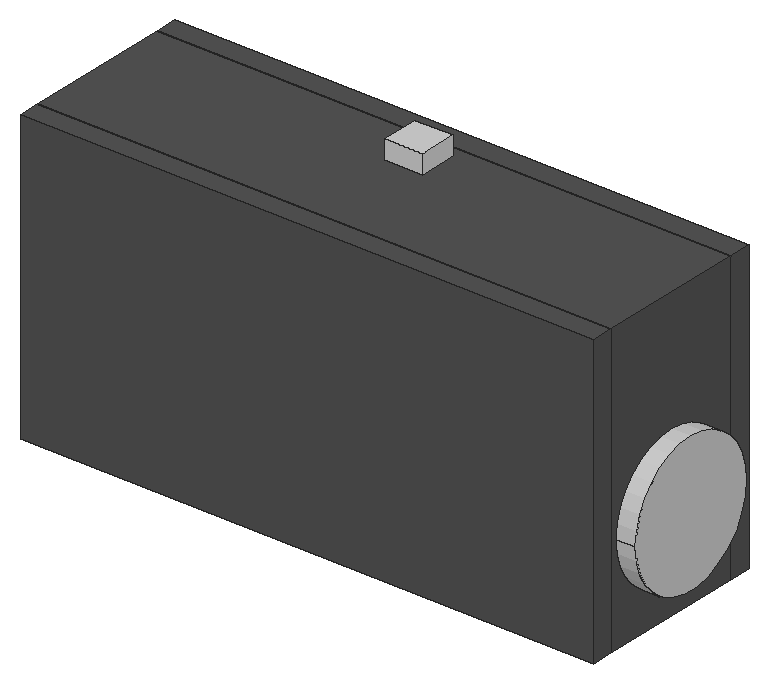
Revit family "Block 1600 (10.24)", category Оборудование, Revit 2019
Family settings
  Размер круглого соединителя = Использовать диаметр
  Классификация = Нет
  Тип детали = Нормальный
  На основе рабочей плоскости = Нет
  Всегда вертикально = Да
  При загрузке вырезать с полостями = Нет
  Общий = Нет
  Точка расчета площади = Нет
Parameters (values of type "Block 1600")
  СЗ Справа [instance] = no
  СЗ Слева [instance] = no
  Ф СЗ = 450 mm  # constant formula
  Материал патрубков = Материал Па
  Материал креплений = Материал Кр
  Материал корпуса = Материал ПУ
  Материал СЗ = Материал СЗ
  Материал КА = Материал КА
  Крепежи [instance] = no
  СЗ КА [instance] = no
  КА отступ 2 = 80 mm  # constant formula
  КА Ширина = 85 mm  # constant formula
  КА Отступ = 50 mm  # constant formula
  КА Высота = 43 mm  # constant formula
  КА [instance] = yes
  П Длина = 45 mm  # constant formula
  КА Длина = 85 mm  # constant formula
  К Стенка Толщина = 50.5 mm  # constant formula
  К Глубина = 441 mm  # constant formula
  П Отступ снизу = 225 mm  # constant formula
  П Диаметр = 315 mm  # constant formula
  К Высота = 660 mm  # constant formula
  ADSK_Ток = ADSK_Номинальная мощность / ADSK_Напряжение  # 3.63636 A
  ADSK_Свободный напор воздуха = 300.0 Pa  # constant formula
  ADSK_Расход воздуха приточный = 1600.0 m³/h  # constant formula
  ADSK_Примечание = ""
  ADSK_Номинальная мощность = 800 W
  ADSK_Напряжение = 220 V
  ADSK_Наименование краткое [instance] = "Канальный очиститель с высокой фильтрацией воздуха"  # constant formula
  ADSK_Наименование = "Канальный очиститель с высокой фильтрацией воздуха"  # constant formula
  ADSK_Марка = "Block 1600"  # constant formula
  ADSK_Количество фаз = 1
  ADSK_Количество = 1
  ADSK_Код изделия = ""
  ADSK_Завод-изготовитель = "ООО «Турков»"  # constant formula
  ADSK_Единица измерения = "шт."  # constant formula
  К Длина = 1305 mm  # constant formula
Reference planes
  plane 1 "По центру (Вперед/Назад)": y = 0
  plane 2: z = 0
  plane 3 "По центру (Влево/Вправо)": x = 0
  plane 4: y = 220.5
  plane 5: x = 652.5
  plane 6: x = -652.5
  plane 7: y = -220.5
  plane 8: y = 170
  plane 9: y = -170
  plane 10: z = 660
  plane 11: y = 670.5
  plane 12: y = -670.5
  plane 13: z = 610
  plane 14: y = 140.5
Forms (mm)
  Extrusion 1, solid, material "Материал ПУ" <- "Материал корпуса"
    sketch origin (0, 0, 0) x (1, 0, 0) y (0, 1, 0)
      loop
        line (-652.5, 170) -> (-652.5, -170) -> (652.5, -170) -> (652.5, 170) -> (-652.5, 170)
    from 0 to 660
  Extrusion 2, solid, material "Материал ПУ" <- "Материал корпуса"
    sketch origin (0, 0, 0) x (1, 0, 0) y (0, 1, 0)
      loop
        line (-652.5, 220.5) -> (-652.5, 170) -> (652.5, 170) -> (652.5, 220.5) -> (-652.5, 220.5)
      loop
        line (-652.5, -170) -> (-652.5, -220.5) -> (652.5, -220.5) -> (652.5, -170) -> (-652.5, -170)
    from 0 to 660
  Extrusion 3, solid, material "Материал СЗ" <- "Материал СЗ", visible <- "СЗ Слева", detail levels fine
    sketch origin (-708.552, -1524, 660) x (-1, 0, 0) y (0, -1, 0)
      loop
        line (-56.052, -2194.5) -> (-56.052, -1744.5) -> (-1361.052, -1744.5) -> (-1361.052, -2194.5) -> (-56.052, -2194.5)
    from 0 to -660
  Extrusion 4, solid, material "Материал СЗ" <- "Материал СЗ", visible <- "СЗ Справа", detail levels fine
    sketch origin (0, 0, 0) x (1, 0, 0) y (0, 1, 0)
      loop
        line (-652.5, -220.5) -> (-652.5, -670.5) -> (652.5, -670.5) -> (652.5, -220.5) -> (-652.5, -220.5)
    from 0 to 660
Dimensions and locks
  equal spacing: plane 6, plane 3 "По центру (Влево/Вправо)", plane 5
  equal spacing: plane 4, plane 1 "По центру (Вперед/Назад)", plane 7
  "К Длина": plane 6 to plane 5
  "К Глубина": plane 4 to plane 7
  "К Стенка Толщина": plane 4 to plane 8
  "К Стенка Толщина": plane 9 to plane 7
  "К Высота": plane 10 to plane 2
  "Ф СЗ": plane 11 to plane 4
  "Ф СЗ": plane 7 to plane 12
  equal spacing: plane 5, plane 3 "По центру (Влево/Вправо)", plane 6
  "КА Отступ": plane 10 to plane 13
  "КА отступ 2": plane 4 to plane 14
  aligned and locked: level to plane 2
  aligned and locked: Extrusion 1 sketch curve to plane 8
  aligned and locked: plane 6 to Extrusion 1 sketch curve
  aligned and locked: plane 9 to Extrusion 1 sketch curve
  aligned and locked: Extrusion 1 sketch curve to plane 5
  aligned and locked: plane 10 to Extrusion 1
  aligned and locked: plane 6 to Extrusion 2 sketch curve  (x2)
  aligned and locked: Extrusion 2 sketch curve to plane 8
  aligned and locked: Extrusion 2 sketch curve to plane 5  (x2)
  aligned and locked: Extrusion 2 sketch curve to plane 4
  aligned and locked: Extrusion 2 sketch curve to plane 9
  aligned and locked: plane 7 to Extrusion 2 sketch curve
  aligned and locked: plane 10 to Extrusion 2
  aligned and locked: Extrusion 2 to plane 2
  aligned and locked: Extrusion 3 sketch curve to plane 11
  aligned and locked: plane 6 to Extrusion 3 sketch curve
  aligned and locked: plane 4 to Extrusion 3 sketch curve
  aligned and locked: Extrusion 3 sketch curve to plane 5
  aligned and locked: Extrusion 3 to plane 10  (x3)
  aligned and locked: Extrusion 3 to plane 2
  aligned and locked: plane 2 to Extrusion 3  (x2)
  aligned and locked: Extrusion 3 to plane 4
  aligned and locked: plane 4 to Extrusion 2
  aligned and locked: plane 11 to Extrusion 3
  aligned and locked: Extrusion 4 sketch curve to plane 12
  aligned and locked: Extrusion 4 sketch curve to plane 5
  aligned and locked: plane 6 to Extrusion 4 sketch curve
  aligned and locked: Extrusion 4 sketch curve to plane 7
  aligned and locked: plane 10 to Extrusion 4
  aligned and locked: plane 5 to nested 1
  aligned and locked: plane 1 "По центру (Вперед/Назад)" to nested 1
  aligned and locked: plane 2 to nested 1
  aligned and locked: plane 1 "По центру (Вперед/Назад)" to nested 2
  aligned and locked: plane 3 "По центру (Влево/Вправо)" to nested 2
  aligned and locked: nested 2 to plane 2
  aligned and locked: nested 3 to plane 10
  aligned and locked: plane 3 "По центру (Влево/Вправо)" to nested 3
  aligned and locked: nested 3 to plane 14
Nested families
  nested 1: "ПатКр" at (0, 0, 225), L <- "К Длина", A <- "П Длина", D <- "П Диаметр", Отст снизу <- "П Отступ снизу", type "ПатКр"
    with Отст снизу 225 mm, L 1305 mm, D 315 mm, A 45 mm
  nested 2: "Крепежи" at (0, 0, 0), Высота <- "К Высота", Глубина <- "К Глубина", Длина <- "К Длина", Стенка <- "К Стенка Толщина", visible <- "Крепежи", type "Крепежи"
    with Шп слева-справа yes, Шп сверху-снизу no, Стенка 50.5 mm, Петли no, Отступ з 50 mm, Отст пет 229.784 mm, Опоры no, Опора no, З справа yes, З слева-справа no, З сверху-снизу yes, З посередине no, Длина СЗ 190 mm, Длина 1305 mm, Глубина 441 mm, Высота 660 mm
  nested 3: "КА" at (0, 98, 662), Видимость СЗ КА <- "СЗ КА", Видимость КА <- "КА", Длина <- "КА Длина", Ширина <- "КА Ширина", Высота <- "КА Высота", type "КА", detail levels medium+fine
    with Ширина 85 mm, Материал СЗ Материал СЗ, Материал КА Материал КА, Длина 85 mm, Высота 43 mm, Видимость СЗ КА no, Видимость КА yes
Connectors
  hvac at (-697.5, 0, 225), driven by "П Диаметр"
    settings: on nested 1, index 1, duct flow 0.0 m³/h, flow factor 0, pres drop 0.0 Pa, loss coef 0, conn angle 0.00°, conn width 304.8 mm, conn height 304.8 mm, conn diameter 315 mm, duct sys type 1, conn prof type 0, flow config 0, flow direction 2, loss method 0, conn ref index 2, conn util no, is conn primary yes, conn desc ""
  hvac at (697.5, 0, 225), driven by "П Диаметр"
    settings: on nested 1, index 2, duct flow 0.0 m³/h, flow factor 0, pres drop 0.0 Pa, loss coef 0, conn angle 0.00°, conn width 304.8 mm, conn height 304.8 mm, conn diameter 315 mm, duct sys type 1, conn prof type 0, flow config 0, flow direction 1, loss method 0, conn ref index 1, conn util no, is conn primary no, conn desc ""
Definition of nested family "ПатКр"
  Parameters (values of type "ПатКр")
    П материал = none
    Отст снизу [instance] = 304.8 mm
    D [instance] = 125 mm
    L [instance] = 500 mm
    A [instance] = 40 mm
  Reference planes
    plane 1 "По центру (Вперед/Назад)": y = 0
    plane 2: z = 0
    plane 3 "По центру (Влево/Вправо)": x = 0
    plane 4: x = -250
    plane 5: x = 250
    plane 6: x = -290
    plane 7: x = 290
    plane 8: z = -304.8
  Forms (mm)
    Extrusion 1, solid, material <- "П материал"
      sketch origin (-250, 395.392, 1200) x (0, 1, 0) y (0, 0, 1)
        loop
          circle (-395.392, -1200) r 62.5
      from -40 to 0
    Extrusion 2, solid, material <- "П материал"
      sketch origin (250, 395.392, 1200) x (0, 1, 0) y (0, 0, 1)
        loop
          circle (-395.392, -1200) r 62.5
      from 0 to 40
  Dimensions and locks
    equal spacing: plane 4, plane 3 "По центру (Влево/Вправо)", plane 5
    "L": plane 4 to plane 5
    "A": plane 6 to plane 4
    equal spacing: plane 6, plane 3 "По центру (Влево/Вправо)", plane 7
    "Отст снизу": plane 2 to plane 8
    "D": diameter of Extrusion 1 sketch curve
    "D": diameter of Extrusion 2 sketch curve
    aligned and locked: level to plane 2
    aligned and locked: plane 1 "По центру (Вперед/Назад)" to Extrusion 1 sketch curve
    aligned and locked: level to Extrusion 1 sketch curve
    aligned and locked: Extrusion 1 to plane 6
    aligned and locked: plane 4 to Extrusion 1
    aligned and locked: plane 1 "По центру (Вперед/Назад)" to Extrusion 2 sketch curve
    aligned and locked: plane 2 to Extrusion 2 sketch curve
    aligned and locked: Extrusion 2 to plane 5
    aligned and locked: plane 7 to Extrusion 2
Definition of nested family "Крепежи"
  Parameters (values of type "Крепежи")
    Шп сверху-снизу [instance] = no
    Шп слева-справа [instance] = yes
    Стенка [instance] = 30 mm
    Петли [instance] = no
    Отст пет [instance] = 229.784 mm
    Опоры [instance] = no
    Опора [instance] = no
    Материал = none
    З справа [instance] = if(and([З сверху-снизу], not(З посередине)), 1 = 1, 1 = 0)  # yes
    З слева-справа [instance] = no
    З сверху-снизу [instance] = yes
    З посередине [instance] = no
    Длина СЗ [instance] = 190 mm
    Длина [instance] = 536.692 mm
    Глубина [instance] = 480 mm
    Высота [instance] = 619.568 mm
    Отступ з [instance] = 30 mm
  Reference planes
    plane 1 "По центру (Вперед/Назад)": y = 0
    plane 2: z = 0
    plane 3 "По центру (Влево/Вправо)": x = 0
    plane 4: y = 240
    plane 5: y = -240
    plane 6: x = 268.346
    plane 7: x = -268.346
    plane 8: y = 225
    plane 9: y = -225
    plane 10: x = 238.346
    plane 11: x = -238.346
    plane 12: z = 619.568
    plane 13: z = 589.568
    plane 14: z = 30
    plane 15: z = 309.784
    plane 16: z = 389.784
    plane 17: z = 229.784
    plane 18: x = -78.346
    plane 19: x = -108.346
  Dimensions and locks
    equal spacing: plane 7, plane 3 "По центру (Влево/Вправо)", plane 6
    equal spacing: plane 4, plane 1 "По центру (Вперед/Назад)", plane 5
    locked: plane 4 to plane 8 at 15
    "Отступ з": plane 7 to plane 11
    equal spacing: plane 8, plane 1 "По центру (Вперед/Назад)", plane 9
    "Длина": plane 7 to plane 6
    "Глубина": plane 4 to plane 5
    equal spacing: plane 11, plane 3 "По центру (Влево/Вправо)", plane 10
    equal spacing: plane 12, plane 15, plane 2
    "Высота": plane 12 to plane 2
    equal spacing: plane 13, plane 15, plane 14
    "Отступ з": plane 12 to plane 13
    "Стенка": nested 29 to plane 5
    "Стенка": plane 4 to nested 30
    equal spacing: plane 16, plane 15, plane 17
    "Отст пет": plane 12 to plane 16
    "Отступ з": plane 19 to plane 18
    "Длина СЗ": plane 7 to plane 18
    aligned and locked: level to plane 2
    aligned and locked: plane 8 to nested 1  (x3)
    aligned and locked: plane 11 to nested 1
    aligned and locked: plane 8 to nested 2  (x3)
    aligned and locked: plane 10 to nested 2
    aligned and locked: plane 9 to nested 3  (x2)
    aligned and locked: plane 9 to nested 4  (x2)
    aligned and locked: nested 3 to plane 11
    aligned and locked: nested 4 to plane 10
    aligned and locked: nested 3 to plane 2
    aligned and locked: plane 2 to nested 1
    aligned and locked: nested 4 to plane 2
    aligned and locked: plane 2 to nested 2
    aligned and locked: nested 7 to plane 12
    aligned and locked: plane 12 to nested 5  (x2)
    aligned and locked: plane 12 to nested 7
    aligned and locked: nested 8 to plane 12
    aligned and locked: plane 12 to nested 6
    aligned and locked: plane 12 to nested 8
    aligned and locked: plane 14 to nested 9
    aligned and locked: plane 8 to nested 10  (x3)
    aligned and locked: plane 8 to nested 9  (x3)
    aligned and locked: plane 13 to nested 10
    aligned and locked: plane 9 to nested 12  (x2)
    aligned and locked: plane 9 to nested 11  (x2)
    aligned and locked: nested 11 to plane 14
    aligned and locked: nested 12 to plane 13
    aligned and locked: nested 12 to plane 7  (x2)
    aligned and locked: plane 7 to nested 10
    aligned and locked: nested 11 to plane 7  (x2)
    aligned and locked: plane 7 to nested 9
    aligned and locked: nested 16 to plane 6
    aligned and locked: plane 6 to nested 14
    aligned and locked: plane 6 to nested 16
    aligned and locked: nested 15 to plane 6
    aligned and locked: plane 6 to nested 13  (x2)
    aligned and locked: plane 6 to nested 15
    aligned and locked: nested 5 to plane 11
    aligned and locked: plane 11 to nested 7
    aligned and locked: nested 6 to plane 10
    aligned and locked: plane 10 to nested 8
    aligned and locked: nested 16 to plane 9  (x3)
    aligned and locked: nested 15 to plane 9  (x3)
    aligned and locked: nested 8 to plane 9  (x3)
    aligned and locked: nested 4 to plane 9
    aligned and locked: nested 7 to plane 9  (x3)
    aligned and locked: nested 3 to plane 9
    aligned and locked: nested 12 to plane 9
    aligned and locked: nested 14 to plane 8  (x2)
    aligned and locked: nested 13 to plane 8  (x2)
    aligned and locked: plane 8 to nested 14
    aligned and locked: nested 6 to plane 8  (x2)
    aligned and locked: plane 8 to nested 6
    aligned and locked: nested 5 to plane 8  (x2)
    aligned and locked: plane 8 to nested 5
    aligned and locked: plane 8 to nested 13
    aligned and locked: nested 11 to plane 9
    aligned and locked: nested 14 to plane 13
    aligned and locked: plane 13 to nested 16
    aligned and locked: plane 14 to nested 15
    aligned and locked: nested 13 to plane 14
    aligned and locked: plane 1 "По центру (Вперед/Назад)" to nested 17
    aligned and locked: plane 6 to nested 17  (x3)
    aligned and locked: plane 1 "По центру (Вперед/Назад)" to nested 18
    aligned and locked: nested 18 to plane 12  (x3)
    aligned and locked: nested 17 to plane 12  (x3)
    aligned and locked: plane 7 to nested 18
    aligned and locked: nested 20 to plane 7  (x2)
    aligned and locked: nested 19 to plane 6  (x2)
    aligned and locked: nested 20 to plane 2  (x3)
    aligned and locked: nested 19 to plane 2  (x3)
    aligned and locked: plane 12 to nested 21
    aligned and locked: nested 23 to plane 12
    aligned and locked: plane 12 to nested 17
    aligned and locked: plane 12 to nested 18
    aligned and locked: plane 2 to nested 22
    aligned and locked: nested 22 to plane 2  (x2)
    aligned and locked: plane 2 to nested 20
    aligned and locked: plane 2 to nested 19
    aligned and locked: nested 24 to plane 2  (x2)
    aligned and locked: plane 2 to nested 24
    aligned and locked: plane 6 to nested 19
    aligned and locked: plane 6 to nested 24  (x3)
    aligned and locked: nested 24 to plane 6
    aligned and locked: plane 6 to nested 23  (x3)
    aligned and locked: nested 23 to plane 6
    aligned and locked: nested 18 to plane 7  (x2)
    aligned and locked: plane 7 to nested 21  (x3)
    aligned and locked: nested 21 to plane 7
    aligned and locked: plane 7 to nested 22  (x3)
    aligned and locked: nested 22 to plane 7
    aligned and locked: plane 7 to nested 20
    aligned and locked: nested 20 to plane 1 "По центру (Вперед/Назад)"
    aligned and locked: plane 1 "По центру (Вперед/Назад)" to nested 21
    aligned and locked: plane 1 "По центру (Вперед/Назад)" to nested 22
    aligned and locked: nested 19 to plane 1 "По центру (Вперед/Назад)"
    aligned and locked: nested 23 to plane 1 "По центру (Вперед/Назад)"
    aligned and locked: nested 24 to plane 1 "По центру (Вперед/Назад)"
    aligned and locked: nested 25 to plane 7
    aligned and locked: plane 6 to nested 26
    aligned and locked: nested 25 to plane 12
    aligned and locked: nested 26 to plane 12
    aligned and locked: nested 27 to plane 2
    aligned and locked: nested 28 to plane 2
    aligned and locked: nested 28 to plane 6
    aligned and locked: plane 7 to nested 27
    aligned and locked: plane 1 "По центру (Вперед/Назад)" to nested 25
    aligned and locked: nested 27 to plane 1 "По центру (Вперед/Назад)"
    aligned and locked: plane 1 "По центру (Вперед/Назад)" to nested 26
    aligned and locked: nested 28 to plane 1 "По центру (Вперед/Назад)"
    aligned and locked: nested 29 to plane 2  (x2)
    aligned and locked: nested 30 to plane 2  (x2)
    aligned and locked: plane 2 to nested 29  (x2)
    aligned and locked: plane 2 to nested 30  (x2)
    aligned and locked: nested 29 to plane 3 "По центру (Влево/Вправо)"
    aligned and locked: nested 30 to plane 3 "По центру (Влево/Вправо)"
    aligned and locked: plane 7 to nested 31
    aligned and locked: plane 7 to nested 32
    aligned and locked: plane 7 to nested 33
    aligned and locked: plane 7 to nested 34
    aligned and locked: plane 6 to nested 35
    aligned and locked: plane 6 to nested 36
    aligned and locked: plane 6 to nested 37
    aligned and locked: plane 6 to nested 38
    aligned and locked: plane 17 to nested 33
    aligned and locked: plane 17 to nested 34
    aligned and locked: nested 37 to plane 17
    aligned and locked: nested 38 to plane 17
    aligned and locked: plane 16 to nested 35
    aligned and locked: plane 16 to nested 36
    aligned and locked: nested 31 to plane 16
    aligned and locked: nested 32 to plane 16
    aligned and locked: nested 31 to plane 5
    aligned and locked: plane 5 to nested 35
    aligned and locked: nested 33 to plane 5
    aligned and locked: plane 5 to nested 37
    aligned and locked: plane 4 to nested 32
    aligned and locked: nested 36 to plane 4
    aligned and locked: plane 4 to nested 34
    aligned and locked: nested 38 to plane 4
    aligned and locked: nested 39 to plane 8  (x2)
    aligned and locked: plane 8 to nested 39
    aligned and locked: nested 40 to plane 9  (x3)
    aligned and locked: nested 39 to plane 19
    aligned and locked: plane 19 to nested 40
    aligned and locked: plane 8 to nested 41  (x3)
    aligned and locked: plane 9 to nested 42  (x2)
    aligned and locked: nested 42 to plane 9
    aligned and locked: nested 42 to plane 19
    aligned and locked: plane 19 to nested 41
    aligned and locked: nested 42 to plane 2  (x2)
    aligned and locked: plane 2 to nested 41
    aligned and locked: nested 40 to plane 12
    aligned and locked: plane 12 to nested 39
    aligned and locked: plane 12 to nested 40
  Nested families
    nested 1: "Защелки" at (-238.346, 125, -18.5), visible <- "З сверху-снизу", type "Защелки"
      with L 100 mm
    nested 2: "Защелки" at (238.346, 125, -18.5), visible <- "З справа", type "Защелки"
      with L 100 mm
    nested 3: "Защелки" at (-238.346, -125, -18.5), visible <- "З сверху-снизу", type "Защелки"
      with L 100 mm
    nested 4: "Защелки" at (238.346, -125, -18.5), visible <- "З справа", type "Защелки"
      with L 100 mm
    nested 5: "Защелки" at (-238.346, 125, 638.068) x (1, 0, 0) z (0, 0, -1), visible <- "З сверху-снизу", type "Защелки"
      with L 100 mm
    nested 6: "Защелки" at (238.346, 125, 638.068) x (1, 0, 0) z (0, 0, -1), visible <- "З справа", type "Защелки"
      with L 100 mm
    nested 7: "Защелки" at (-238.346, -125, 638.068) x (1, 0, 0) z (0, 0, -1), visible <- "З сверху-снизу", type "Защелки"
      with L 100 mm
    nested 8: "Защелки" at (238.346, -125, 638.068) x (1, 0, 0) z (0, 0, -1), visible <- "З справа", type "Защелки"
      with L 100 mm
    nested 9: "Защелки" at (-268.346, 125, 30) x (0, 0, 1) z (-1, 0, 0), visible <- "З слева-справа", type "Защелки"
      with L 100 mm
    nested 10: "Защелки" at (-268.346, 125, 589.568) x (0, 0, 1) z (-1, 0, 0), visible <- "З слева-справа", type "Защелки"
      with L 100 mm
    nested 11: "Защелки" at (-268.346, -125, 30) x (0, 0, 1) z (-1, 0, 0), visible <- "З слева-справа", type "Защелки"
      with L 100 mm
    nested 12: "Защелки" at (-268.346, -125, 589.568) x (0, 0, 1) z (-1, 0, 0), visible <- "З слева-справа", type "Защелки"
      with L 100 mm
    nested 13: "Защелки" at (268.346, 125, 30) x (0, 0, 1) z (1, 0, 0), visible <- "З слева-справа", type "Защелки"
      with L 100 mm
    nested 14: "Защелки" at (268.346, 125, 589.568) x (0, 0, 1) z (1, 0, 0), visible <- "З слева-справа", type "Защелки"
      with L 100 mm
    nested 15: "Защелки" at (268.346, -125, 30) x (0, 0, 1) z (1, 0, 0), visible <- "З слева-справа", type "Защелки"
      with L 100 mm
    nested 16: "Защелки" at (268.346, -125, 589.568) x (0, 0, 1) z (1, 0, 0), visible <- "З слева-справа", type "Защелки"
      with L 100 mm
    nested 17: "Крепеж" at (248.346, 0, 619.568), visible <- "Шп сверху-снизу", type "Крепеж"
      with A 40 mm
    nested 18: "Крепеж" at (-248.346, 0, 619.568), visible <- "Шп сверху-снизу", type "Крепеж"
      with A 40 mm
    nested 19: "Крепеж" at (248.346, 0, 0) x (1, 0, 0) z (0, 0, -1), visible <- "Шп сверху-снизу", type "Крепеж"
      with A 40 mm
    nested 20: "Крепеж" at (-248.346, 0, 0) x (1, 0, 0) z (0, 0, -1), visible <- "Шп сверху-снизу", type "Крепеж"
      with A 40 mm
    nested 21: "Крепеж" at (-268.346, 0, 599.568) x (0, 0, 1) z (-1, 0, 0), visible <- "Шп слева-справа", type "Крепеж"
      with A 40 mm
    nested 22: "Крепеж" at (-268.346, 0, 20) x (0, 0, 1) z (-1, 0, 0), visible <- "Шп слева-справа", type "Крепеж"
      with A 40 mm
    nested 23: "Крепеж" at (268.346, 0, 599.568) x (0, 0, 1) z (1, 0, 0), visible <- "Шп слева-справа", type "Крепеж"
      with A 40 mm
    nested 24: "Крепеж" at (268.346, 0, 20) x (0, 0, 1) z (1, 0, 0), visible <- "Шп слева-справа", type "Крепеж"
      with A 40 mm
    nested 25: "Опора" at (-205.846, 0, 619.568), L <- "Глубина", Ot <- "Стенка", visible <- "Опоры", type "Опора"
      with Ot 30 mm, L 480 mm, A 40 mm
    nested 26: "Опора" at (205.846, 0, 619.568), L <- "Глубина", Ot <- "Стенка", visible <- "Опоры", type "Опора"
      with Ot 30 mm, L 480 mm, A 40 mm
    nested 27: "Опора" at (-205.846, 0, 0) x (1, 0, 0) z (0, 0, -1), L <- "Глубина", Ot <- "Стенка", visible <- "Опоры", type "Опора"
      with Ot 30 mm, L 480 mm, A 40 mm
    nested 28: "Опора" at (205.846, 0, 0) x (1, 0, 0) z (0, 0, -1), L <- "Глубина", Ot <- "Стенка", visible <- "Опоры", type "Опора"
      with Ot 30 mm, L 480 mm, A 40 mm
    nested 29: "Опора" at (0, -147.5, 0) x (0, 1, 0) z (0, 0, -1), L <- "Длина", visible <- "Опора", type "Опора"
      with Ot 10 mm, L 536.692 mm, A 40 mm
    nested 30: "Опора" at (0, 147.5, 0) x (0, 1, 0) z (0, 0, -1), L <- "Длина", visible <- "Опора", type "Опора"
      with Ot 10 mm, L 536.692 mm, A 40 mm
    nested 31: "Петля" at (-268.346, -195, 389.784) x (0, 1, 0) z (-1, 0, 0), visible <- "Петли", type "Петля"
    nested 32: "Петля" at (-268.346, 195, 389.784) x (0, 1, 0) z (-1, 0, 0), visible <- "Петли", type "Петля"
    nested 33: "Петля" at (-268.346, -195, 229.784) x (0, 1, 0) z (-1, 0, 0), visible <- "Петли", type "Петля"
    nested 34: "Петля" at (-268.346, 195, 229.784) x (0, 1, 0) z (-1, 0, 0), visible <- "Петли", type "Петля"
    nested 35: "Петля" at (268.346, -195, 389.784) x (0, 1, 0) z (1, 0, 0), visible <- "Петли", type "Петля"
    nested 36: "Петля" at (268.346, 195, 389.784) x (0, 1, 0) z (1, 0, 0), visible <- "Петли", type "Петля"
    nested 37: "Петля" at (268.346, -195, 229.784) x (0, 1, 0) z (1, 0, 0), visible <- "Петли", type "Петля"
    nested 38: "Петля" at (268.346, 195, 229.784) x (0, 1, 0) z (1, 0, 0), visible <- "Петли", type "Петля"
    nested 39: "Защелки" at (-108.346, 125, 638.068) x (1, 0, 0) z (0, 0, -1), visible <- "З посередине", type "Защелки"
      with L 100 mm
    nested 40: "Защелки" at (-108.346, -125, 638.068) x (1, 0, 0) z (0, 0, -1), visible <- "З посередине", type "Защелки"
      with L 100 mm
    nested 41: "Защелки" at (-108.346, 125, -18.5), visible <- "З посередине", type "Защелки"
      with L 100 mm
    nested 42: "Защелки" at (-108.346, -125, -18.5), visible <- "З посередине", type "Защелки"
      with L 100 mm
  Definition of nested family "Защелки"
    Parameters (values of type "Защелки")
      Материал п = none
      c = 30 mm  # constant formula
      b = 30 mm  # constant formula
      a = 15 mm  # constant formula
      L [instance] = 100 mm  # constant formula
    Reference planes
      plane 1 "По центру (Вперед/Назад)": y = 0
      plane 2: z = 0
      plane 3 "По центру (Влево/Вправо)": x = 0
      plane 4: y = 100
      plane 5: x = 7.5
      plane 6: x = -7.5
      plane 7: y = 70
    Forms (mm)
      Extrusion 1, solid, material <- "Материал п"
        sketch origin (120.578, -42.722, 0) x (1, 0, 0) y (0, 1, 0)
          loop
            line (-128.078, 112.722) -> (-128.078, 42.722) -> (-113.078, 42.722) -> (-113.078, 112.722) -> (-105.578, 142.722) -> (-135.578, 142.722) -> (-128.078, 112.722)
        from 0 to 18.5
    Dimensions and locks
      "L": plane 4 to plane 1 "По центру (Вперед/Назад)"
      equal spacing: plane 6, plane 3 "По центру (Влево/Вправо)", plane 5
      "a": plane 6 to plane 5
      "b": plane 4 to plane 7
      equal spacing: Extrusion 1 sketch curve, plane 3 "По центру (Влево/Вправо)", Extrusion 1 sketch curve
      "c": Extrusion 1 sketch curve to Extrusion 1 sketch curve
      aligned and locked: level to plane 2
      aligned and locked: Extrusion 1 sketch curve to plane 6
      aligned and locked: plane 5 to Extrusion 1 sketch curve
      aligned and locked: plane 1 "По центру (Вперед/Назад)" to Extrusion 1 sketch curve
      aligned and locked: plane 7 to Extrusion 1 sketch curve  (x2)
      aligned and locked: Extrusion 1 sketch curve to plane 4
  Definition of nested family "Крепеж"
    Parameters (values of type "Крепеж")
      П материал = none
      d = 80 mm  # constant formula
      c = 10 mm  # constant formula
      b = 49 mm  # constant formula
      A [instance] = 40 mm  # constant formula
    Reference planes
      plane 1 "По центру (Вперед/Назад)": y = 0
      plane 2: z = 0
      plane 3 "По центру (Влево/Вправо)": x = 0
      plane 4: x = -20
      plane 5: x = 20
      plane 6: z = 49
    Forms (mm)
      Extrusion 1, solid, material <- "П материал"
        sketch origin (0, 0, 0) x (1, 0, 0) y (0, 0, 1)
          loop
            line (-20, 49) -> (-20, 0) -> (20, 0) -> (20, 49) -> (5, 49) -> (5, 27)
            arc (5, 27) -> (0, 22) -> (-5, 27) r 5
            line (-5, 27) -> (-5, 49) -> (-20, 49)
        from -1 to 1
      Extrusion 2, solid, material <- "П материал"
        sketch origin (0, 0, 0) x (1, 0, 0) y (0, 1, 0)
          loop
            line (-20, 40) -> (-20, -40) -> (20, -40) -> (20, 40) -> (-20, 40)
        from 0 to 2
    Dimensions and locks
      equal spacing: plane 5, plane 3 "По центру (Влево/Вправо)", plane 4
      "A": plane 5 to plane 4
      "b": plane 6 to plane 2
      equal spacing: Extrusion 1 sketch curve, plane 3 "По центру (Влево/Вправо)", Extrusion 1 sketch curve
      "c": Extrusion 1 sketch curve to Extrusion 1 sketch curve
      plane 6 to Extrusion 1 sketch curve = 22 mm
      equal spacing: Extrusion 2 sketch curve, plane 1 "По центру (Вперед/Назад)", Extrusion 2 sketch curve
      "d": Extrusion 2 sketch curve to Extrusion 2 sketch curve
      aligned and locked: level to plane 2
      aligned and locked: plane 4 to Extrusion 1 sketch curve
      aligned and locked: Extrusion 1 sketch curve to plane 5
      aligned and locked: Extrusion 1 sketch curve to plane 6
      aligned and locked: plane 2 to Extrusion 1 sketch curve
      aligned and locked: plane 4 to Extrusion 2 sketch curve
      aligned and locked: Extrusion 2 sketch curve to plane 5
    Automatic sketch dimensions
      Extrusion 1 sketch curve to plane 6 = 0 mm
  Definition of nested family "Опора"
    Parameters (values of type "Опора")
      с = 20 mm
      к = 1.5 mm
      в = 30 mm
      а = 82 mm
      П материал = none
      d = 80 mm  # constant formula
      c = 10 mm  # constant formula
      b = 49 mm  # constant formula
      Ot [instance] = 30 mm
      L [instance] = 277.284 mm
      A [instance] = 40 mm  # constant formula
    Reference planes
      plane 1 "По центру (Вперед/Назад)": y = 0
      plane 2: z = 0
      plane 3 "По центру (Влево/Вправо)": x = 0
      plane 4: z = 49
      plane 5: y = 138.642
      plane 6: y = -138.642
      plane 7: y = 108.642
      plane 8: y = -108.642
    Forms (mm)
      Extrusion 1, solid, material <- "П материал"
        sketch origin (0, 0, 0) x (1, 0, 0) y (0, 0, 1)
          loop
            arc (-41.548, 31.5) -> (-42.221, 31.221) -> (-42.5, 30.548) r 0.952
            line (-42.5, 30.548) -> (-42.5, 2.55)
            arc (-42.5, 2.55) -> (-42.807, 1.807) -> (-43.55, 1.5) r 1.05
            line (-43.55, 1.5) -> (-62.5, 1.5) -> (-62.5, 0) -> (-42.044, 0)
            arc (-42.044, 0) -> (-41.306, 0.306) -> (-41, 1.044) r 1.044
            line (-41, 1.044) -> (-41, 28.952)
            arc (-41, 28.952) -> (-40.693, 29.693) -> (-39.952, 30) r 1.048
            line (-39.952, 30) -> (39.989, 30)
            arc (39.989, 30) -> (40.704, 29.704) -> (41, 28.989) r 1.011
            line (41, 28.989) -> (41, 1.013)
            arc (41, 1.013) -> (41.297, 0.297) -> (42.013, 0) r 1.013
            line (42.013, 0) -> (62.5, 0) -> (62.5, 1.5) -> (43.502, 1.5)
            arc (43.502, 1.5) -> (42.793, 1.793) -> (42.5, 2.502) r 1.002
            line (42.5, 2.502) -> (42.5, 30.489)
            arc (42.5, 30.489) -> (42.204, 31.204) -> (41.489, 31.5) r 1.011
            line (41.489, 31.5) -> (-41.548, 31.5)
        from -108.642 to 108.642
    Dimensions and locks
      equal spacing: Extrusion 1 sketch curve, plane 3 "По центру (Влево/Вправо)", Extrusion 1 sketch curve  (x2)
      "а": Extrusion 1 sketch curve to Extrusion 1 sketch curve
      "к": Extrusion 1 sketch curve to Extrusion 1 sketch curve  (x4)
      "с": Extrusion 1 sketch curve to Extrusion 1 sketch curve
      "в": Extrusion 1 sketch curve to plane 2
      equal spacing: plane 5, plane 1 "По центру (Вперед/Назад)", plane 6
      "L": plane 5 to plane 6
      "Ot": plane 5 to plane 7
      equal spacing: plane 7, plane 1 "По центру (Вперед/Назад)", plane 8
      aligned and locked: level to plane 2
      aligned and locked: Extrusion 1 sketch curve to Extrusion 1 sketch curve
      aligned and locked: plane 7 to Extrusion 1
      aligned and locked: Extrusion 1 to plane 8
    Automatic sketch dimensions
      Extrusion 1 sketch curve to level = 0 mm  (x2)
      Extrusion 1 sketch curve to Extrusion 1 sketch curve = 1.05 mm
      Extrusion 1 sketch curve to Extrusion 1 sketch curve = 1.044 mm
      Extrusion 1 sketch curve to Extrusion 1 sketch curve = 0.952 mm
      Extrusion 1 sketch curve to Extrusion 1 sketch curve = 1.048 mm
      Extrusion 1 sketch curve to Extrusion 1 sketch curve = 1.011 mm  (x2)
      Extrusion 1 sketch curve to Extrusion 1 sketch curve = 1.013 mm
      Extrusion 1 sketch curve to Extrusion 1 sketch curve = 1.002 mm
  Definition of nested family "Петля"
    Parameters (values of type "Петля")
      П материал = none
      c = 80 mm
      b = 40 mm
      a = 10 mm
    Reference planes
      plane 1 "По центру (Вперед/Назад)": y = 0
      plane 2: z = 0
      plane 3 "По центру (Влево/Вправо)": x = 0
    Forms (mm)
      Extrusion 1, solid, material <- "П материал"
        sketch origin (0, 0, 0) x (1, 0, 0) y (0, 1, 0)
          loop
            line (-45, 40) -> (-45, -40) -> (-5, -40) -> (-5, 40) -> (-45, 40)
          loop
            line (45, 40) -> (5, 40) -> (5, -40) -> (45, -40) -> (45, 40)
        from 0 to 2
      Extrusion 2, solid, material <- "П материал"
        sketch origin (0, 0, 0) x (1, 0, 0) y (0, 0, 1)
          loop
            line (0, 50) -> (-6.587, 50)
            arc (-6.587, 50) -> (-8.7, 49.532) -> (-10.417, 48.214) r 5
            line (-10.417, 48.214) -> (-42.56, 9.908)
            arc (-42.56, 9.908) -> (-44.371, 6.771) -> (-45, 3.204) r 10.43
            line (-45, 3.204) -> (-45, 2) -> (-5, 2) -> (-5, 5.194)
            arc (-5, 5.194) -> (-4.844, 6.973) -> (-4.382, 8.697) r 10.241
            line (-4.382, 8.697) -> (7.309, 40.82)
            arc (7.309, 40.82) -> (5.867, 47.172) -> (0, 50) r 7.5
        from 39 to 40
      Extrusion 3, solid, material <- "П материал"
        sketch origin (0, 55, 0) x (1, 0, 0) y (0, 0, 1)
          loop
            line (0, 50) -> (-6.587, 50)
            arc (-6.587, 50) -> (-8.7, 49.532) -> (-10.417, 48.214) r 5
            line (-10.417, 48.214) -> (-42.56, 9.908)
            arc (-42.56, 9.908) -> (-44.371, 6.771) -> (-45, 3.204) r 10.43
            line (-45, 3.204) -> (-45, 2) -> (-5, 2) -> (-5, 5.194)
            arc (-5, 5.194) -> (-4.844, 6.973) -> (-4.382, 8.697) r 10.241
            line (-4.382, 8.697) -> (7.309, 40.82)
            arc (7.309, 40.82) -> (5.867, 47.172) -> (0, 50) r 7.5
        from 15 to 16
      Extrusion 4, solid, material <- "П материал"
        sketch origin (0, 0, 0) x (-1, 0, 0) y (0, 0, -1)
          loop
            arc (0, -50) -> (5.867, -47.172) -> (7.309, -40.82) r 7.5
            line (7.309, -40.82) -> (-4.382, -8.697)
            arc (-4.382, -8.697) -> (-4.844, -6.973) -> (-5, -5.194) r 10.241
            line (-5, -5.194) -> (-5, -2) -> (-45, -2) -> (-45, -3.204)
            arc (-45, -3.204) -> (-44.371, -6.771) -> (-42.56, -9.908) r 10.43
            line (-42.56, -9.908) -> (-10.417, -48.214)
            arc (-10.417, -48.214) -> (-8.7, -49.532) -> (-6.587, -50) r 5
            line (-6.587, -50) -> (0, -50)
        from 38 to 39
      Extrusion 5, solid, material <- "П материал"
        sketch origin (0, 55, 0) x (-1, 0, 0) y (0, 0, -1)
          loop
            arc (0, -50) -> (5.867, -47.172) -> (7.309, -40.82) r 7.5
            line (7.309, -40.82) -> (-4.382, -8.697)
            arc (-4.382, -8.697) -> (-4.844, -6.973) -> (-5, -5.194) r 10.241
            line (-5, -5.194) -> (-5, -2) -> (-45, -2) -> (-45, -3.204)
            arc (-45, -3.204) -> (-44.371, -6.771) -> (-42.56, -9.908) r 10.43
            line (-42.56, -9.908) -> (-10.417, -48.214)
            arc (-10.417, -48.214) -> (-8.7, -49.532) -> (-6.587, -50) r 5
            line (-6.587, -50) -> (0, -50)
        from 16 to 17
    Dimensions and locks
      equal spacing: Extrusion 1 sketch curve, plane 3 "По центру (Влево/Вправо)", Extrusion 1 sketch curve  (x2)
      equal spacing: Extrusion 1 sketch curve, plane 1 "По центру (Вперед/Назад)", Extrusion 1 sketch curve
      "a": Extrusion 1 sketch curve to Extrusion 1 sketch curve
      "b": Extrusion 1 sketch curve to Extrusion 1 sketch curve
      "c": Extrusion 1 sketch curve to Extrusion 1 sketch curve
      locked: Extrusion 2 to Extrusion 2 at 1
      locked: Extrusion 3 to Extrusion 3 at 1
      locked: Extrusion 4 to Extrusion 4 at 1
      locked: Extrusion 5 to Extrusion 5 at 1
      aligned and locked: level to plane 2
      aligned and locked: Extrusion 1 sketch curve to Extrusion 1 sketch curve  (x2)
      aligned and locked: Extrusion 2 to Extrusion 1
      aligned and locked: Extrusion 3 to Extrusion 1
      aligned and locked: Extrusion 5 to Extrusion 3
      aligned and locked: Extrusion 4 to Extrusion 2
    Automatic sketch dimensions
      Extrusion 2 sketch curve to plane 3 "По центру (Влево/Вправо)" = 0 mm
      Extrusion 2 sketch curve to plane 3 "По центру (Влево/Вправо)" = 4.382 mm
      Extrusion 2 sketch curve to Extrusion 2 sketch curve = 0.618 mm
      Extrusion 2 sketch curve to plane 3 "По центру (Влево/Вправо)" = 6.587 mm
      Extrusion 2 sketch curve to Extrusion 2 sketch curve = 3.83 mm
      level to Extrusion 2 sketch curve = 3.204 mm
      Extrusion 2 sketch curve to Extrusion 2 sketch curve = 29.57 mm
      level to Extrusion 2 sketch curve = 9.908 mm
      Extrusion 2 sketch curve to Extrusion 2 sketch curve = 7.99 mm
      plane 3 "По центру (Влево/Вправо)" to Extrusion 2 sketch curve = 5.241 mm
      plane 3 "По центру (Влево/Вправо)" to Extrusion 2 sketch curve = 7.309 mm
      Extrusion 2 sketch curve to Extrusion 2 sketch curve = 1.204 mm
      Extrusion 2 sketch curve to Extrusion 2 sketch curve = 3.194 mm
      Extrusion 2 sketch curve to Extrusion 2 sketch curve = 32.123 mm
      Extrusion 2 sketch curve to Extrusion 2 sketch curve = 1.68 mm
      Extrusion 2 sketch curve to Extrusion 2 sketch curve = 5 mm
      Extrusion 3 sketch curve to plane 3 "По центру (Влево/Вправо)" = 0 mm
      Extrusion 3 sketch curve to plane 3 "По центру (Влево/Вправо)" = 4.382 mm
      Extrusion 3 sketch curve to Extrusion 3 sketch curve = 0.618 mm
      Extrusion 3 sketch curve to plane 3 "По центру (Влево/Вправо)" = 6.587 mm
      Extrusion 3 sketch curve to Extrusion 3 sketch curve = 3.83 mm
      level to Extrusion 3 sketch curve = 3.204 mm
      Extrusion 3 sketch curve to Extrusion 3 sketch curve = 29.57 mm
      level to Extrusion 3 sketch curve = 9.908 mm
      Extrusion 3 sketch curve to Extrusion 3 sketch curve = 7.99 mm
      plane 3 "По центру (Влево/Вправо)" to Extrusion 3 sketch curve = 5.241 mm
      plane 3 "По центру (Влево/Вправо)" to Extrusion 3 sketch curve = 7.309 mm
      Extrusion 3 sketch curve to Extrusion 3 sketch curve = 1.204 mm
      Extrusion 3 sketch curve to Extrusion 3 sketch curve = 3.194 mm
      Extrusion 3 sketch curve to Extrusion 3 sketch curve = 32.123 mm
      Extrusion 3 sketch curve to Extrusion 3 sketch curve = 1.68 mm
      Extrusion 3 sketch curve to Extrusion 3 sketch curve = 5 mm
      Extrusion 4 sketch curve to plane 3 "По центру (Влево/Вправо)" = 0 mm
      Extrusion 4 sketch curve to plane 3 "По центру (Влево/Вправо)" = 4.382 mm
      Extrusion 4 sketch curve to Extrusion 4 sketch curve = 0.618 mm
      Extrusion 4 sketch curve to plane 3 "По центру (Влево/Вправо)" = 6.587 mm
      Extrusion 4 sketch curve to Extrusion 4 sketch curve = 3.83 mm
      Extrusion 4 sketch curve to level = 3.204 mm
      Extrusion 4 sketch curve to Extrusion 4 sketch curve = 29.57 mm
      Extrusion 4 sketch curve to level = 9.908 mm
      Extrusion 4 sketch curve to Extrusion 4 sketch curve = 7.99 mm
      plane 3 "По центру (Влево/Вправо)" to Extrusion 4 sketch curve = 5.241 mm
      plane 3 "По центру (Влево/Вправо)" to Extrusion 4 sketch curve = 7.309 mm
      Extrusion 4 sketch curve to Extrusion 4 sketch curve = 1.204 mm
      Extrusion 4 sketch curve to Extrusion 4 sketch curve = 3.194 mm
      Extrusion 4 sketch curve to Extrusion 4 sketch curve = 32.123 mm
      Extrusion 4 sketch curve to Extrusion 4 sketch curve = 1.68 mm
      Extrusion 4 sketch curve to Extrusion 4 sketch curve = 5 mm
      Extrusion 5 sketch curve to plane 3 "По центру (Влево/Вправо)" = 0 mm
      plane 3 "По центру (Влево/Вправо)" to Extrusion 5 sketch curve = 4.382 mm
      Extrusion 5 sketch curve to Extrusion 5 sketch curve = 0.618 mm
      plane 3 "По центру (Влево/Вправо)" to Extrusion 5 sketch curve = 6.587 mm
      Extrusion 5 sketch curve to Extrusion 5 sketch curve = 3.83 mm
      level to Extrusion 5 sketch curve = 3.204 mm
      Extrusion 5 sketch curve to Extrusion 5 sketch curve = 29.57 mm
      level to Extrusion 5 sketch curve = 9.908 mm
      Extrusion 5 sketch curve to Extrusion 5 sketch curve = 7.99 mm
      Extrusion 5 sketch curve to plane 3 "По центру (Влево/Вправо)" = 5.241 mm
      Extrusion 5 sketch curve to plane 3 "По центру (Влево/Вправо)" = 7.309 mm
      level to Extrusion 5 sketch curve = 40.82 mm
      Extrusion 5 sketch curve to Extrusion 5 sketch curve = 1.68 mm
      Extrusion 5 sketch curve to Extrusion 5 sketch curve = 5 mm
      level to Extrusion 5 sketch curve = 8.697 mm
      level to Extrusion 5 sketch curve = 2 mm
Definition of nested family "КА"
  Parameters (values of type "КА")
    с = 200 mm
    СЗ = 300 mm  # constant formula
    Материал СЗ [instance] = none
    Материал КА [instance] = none
    Высота [instance] = 120 mm
    Ширина [instance] = 200 mm
    Длина [instance] = 308 mm
    Видимость СЗ КА [instance] = yes
    Видимость КА [instance] = yes
    e = 2 mm  # constant formula
    d = 25 mm  # constant formula
    c = 45 mm  # constant formula
    b = 1 mm  # constant formula
    a = 16 mm  # constant formula
  Reference planes
    plane 1 "По центру (Вперед/Назад)": y = 0
    plane 2: z = 0
    plane 3 "По центру (Влево/Вправо)": x = 0
    plane 4: y = 100
    plane 5: x = 154
    plane 6: x = -154
    plane 7: y = -100
    plane 8: x = -138
    plane 9: x = 138
    plane 10: y = 101
    plane 11: y = -101
    plane 12: z = 120
  Forms (mm)
    Extrusion 1, solid, material <- "Материал КА", visible <- "Видимость КА"
      sketch origin (0, 0, 0) x (1, 0, 0) y (0, 1, 0)
        loop
          line (-154, 100) -> (-154, -100) -> (154, -100) -> (154, 100) -> (-154, 100)
      from 0 to 120
    Extrusion 2, solid, visible <- "Видимость КА"
      sketch origin (0, 0, 0) x (1, 0, 0) y (0, 1, 0)
        loop
          line (-138, 75) -> (-138, -75) -> (-113, -75) -> (-113, 75) -> (-138, 75)
        loop
          line (113, 75) -> (113, -75) -> (138, -75) -> (138, 75) -> (113, 75)
      from 0 to -2
    Extrusion 3, solid, material <- "Материал СЗ", visible <- "Видимость СЗ КА"
      sketch origin (0, 0, 0) x (1, 0, 0) y (0, 1, 0)
        loop
          line (-154, 100) -> (-154, -100) -> (154, -100) -> (154, 100) -> (-154, 100)
      from 120 to 420
  Dimensions and locks
    equal spacing: plane 6, plane 3 "По центру (Влево/Вправо)", plane 5
    "Длина": plane 6 to plane 5
    equal spacing: plane 4, plane 1 "По центру (Вперед/Назад)", plane 7
    "Ширина": plane 4 to plane 7
    "a": plane 6 to plane 8
    "a": plane 9 to plane 5
    "b": plane 10 to plane 4
    "b": plane 7 to plane 11
    "Высота": plane 12 to plane 2
    "d": Extrusion 2 sketch curve to Extrusion 2 sketch curve  (x2)
    equal spacing: Extrusion 2 sketch curve, plane 1 "По центру (Вперед/Назад)", Extrusion 2 sketch curve
    "d": Extrusion 2 sketch curve to plane 4
    "e": plane 2 to Extrusion 2
    "СЗ": Extrusion 3 to plane 12
    aligned and locked: level to plane 2
    aligned and locked: plane 6 to Extrusion 1 sketch curve
    aligned and locked: Extrusion 1 sketch curve to plane 5
    aligned and locked: Extrusion 1 sketch curve to plane 4
    aligned and locked: Extrusion 1 sketch curve to plane 7
    aligned and locked: Extrusion 2 sketch curve to Extrusion 2 sketch curve  (x2)
    aligned and locked: plane 2 to Extrusion 2
    aligned and locked: plane 6 to Extrusion 3 sketch curve
    aligned and locked: Extrusion 3 sketch curve to plane 5
    aligned and locked: Extrusion 3 sketch curve to plane 4
    aligned and locked: Extrusion 3 sketch curve to plane 7
    aligned and locked: Extrusion 3 to plane 12
    aligned and locked: plane 12 to Extrusion 1
    aligned and locked: plane 8 to Extrusion 2 sketch curve
    aligned and locked: Extrusion 2 sketch curve to plane 9
